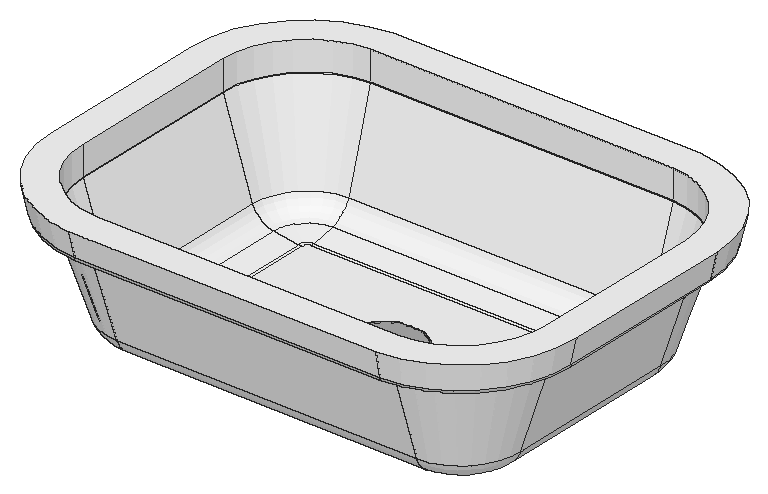
Revit family "NLRS_74_PF_UN_wastafel_S8W02500000_SPHINX_BCB", category Plumbing Fixtures, Revit 2016
Family settings
  Part Type = Normal
  Round Connector Dimension = Use Radius
  OmniClass Number = 23.45.00.00
  OmniClass Title = Sanitary, Laundry, and Cleaning Equipment
  Work Plane-Based = No
  Always vertical = Yes
  Cut with Voids When Loaded = No
  Shared = No
  Room Calculation Point = No
Parameters (values of type "onderbouwwastafel 46cm")
  NLRS_C_type = "Wastafel zonder kraangat en overloop"
  NLRS_C_serie = "300 Basic"
  NLRS_C_revit_versie = "2016"
  NLRS_C_content_versie = "2.0"
  NLRS_C_content_provider = "BouwConnect"
  NLRS_C_content_datum_uitgifte = "APR-2018"
  NLRS_C_content_datum_gewijzigd = "APR-2018"
  NLRS_C_content_creator = "BouwConnect"
  NLRS_C_URL_product_data = "http://www.sphinx.nl/producten/wastafels-%7C-fonteinen/inbouwwastafels/sphinx-300-basic-%7C-onderbouwwastafel-46-cm/27624/"
  Waste Connection = yes
  WFU = 0
  URL = "http://www.sphinx.nl/"
  Type Comments = ""
  NLRS_S_gewicht = 10.00 kg
  NLRS_C_materiaal = none
  NLRS_C_lengte = 350 mm
  NLRS_C_hoogte = 145 mm
  NLRS_C_diameter_uit = 45 mm
  NLRS_C_diameter_in = 35 mm
  NLRS_C_breedte = 460 mm
  Model = "300 onderbouwwastafel 46cm"  # constant formula
  Manufacturer = "Sphinx"  # constant formula
  Keynote = ""
  IfcTypeProduct = "IfcSanitaryTerminalType"
  IfcExportType = "SINK"
  IfcExportAs = "IfcSanitaryTerminalTypeEnum"
  IfcElement = "IfcFlowTerminal"
  NLRS_C_code_EAN = "8711754390997"
  Description = "wastafel"
  CWFU = 0
  NLRS_C_URL_BCB = "http://bcb-online.nl/?zoekterm=Sphinx+++%5bGeberit+B.V.%5d"
  Assembly Code = "47.11"
Reference planes
  plane 1 "Center (Front/Back)": y = 0
  plane 2: z = 0
  plane 3 "Center (Left/Right)": x = 0
Forms (mm)
  Sweep 1, solid, material "74_porcelein_wit", detail levels medium+fine
    path origin (0, 0, 0) x (1, 0, 0) y (0, 1, 0)
      loop
        arc (-241, -86.77) -> (-214.949, -152.123) -> (-151.083, -181.634) r 95
        arc (-151.083, -181.634) -> (0, -185.679) -> (151.083, -181.634) r 2823.482
        arc (151.083, -181.634) -> (214.949, -152.123) -> (241, -86.77) r 95
        line (241, -86.77) -> (241, 86.77)
        arc (241, 86.77) -> (214.949, 152.123) -> (151.083, 181.634) r 95
        arc (151.083, 181.634) -> (0, 185.679) -> (-151.083, 181.634) r 2823.482
        arc (-151.083, 181.634) -> (-214.949, 152.123) -> (-241, 86.77) r 95
        line (-241, 86.77) -> (-241, -86.77)
    profile origin (-241, 0, 0) x (-1, 0, 0) y (0, 0, 1)
      loop
        line (19.719, 0) -> (-10.985, 0) -> (-10.985, -28.92)
        arc (-10.985, -28.92) -> (-11.01, -29.338) -> (-11.084, -29.75) r 3.528
        arc (-11.084, -29.75) -> (-23.874, -74.815) -> (-40.128, -118.749) r 602.075
        arc (-40.128, -118.749) -> (-48.652, -129.923) -> (-61.583, -135.426) r 27.5
        arc (-61.583, -135.426) -> (-73.922, -137.175) -> (-86.272, -138.845) r 1940.075
        arc (-86.272, -138.845) -> (-87.903, -139.006) -> (-89.541, -139.059) r 25
        line (-89.541, -139.059) -> (-94, -139.059) -> (-94, -144.102) -> (-89.865, -144.102)
        arc (-89.865, -144.102) -> (-87.901, -144.038) -> (-85.946, -143.845) r 30
        arc (-85.946, -143.845) -> (-73.4, -142.15) -> (-60.865, -140.374) r 1945.075
        arc (-60.865, -140.374) -> (-45.583, -133.87) -> (-35.51, -120.665) r 32.5
        arc (-35.51, -120.665) -> (-20.304, -79.954) -> (-8.049, -38.259) r 607.075
        arc (-8.049, -38.259) -> (-4.15, -32.311) -> (2.578, -30.005) r 10.968
        line (2.578, -30.005) -> (8.814, -30.005)
        arc (8.814, -30.005) -> (11.927, -28.918) -> (13.686, -26.13) r 5
        line (13.686, -26.13) -> (19.719, 0)
  Revolve 2, void, detail levels medium+fine
    sketch origin (0, 0, 0) x (1, 0, 0) y (0, 0, 1)
      loop
        line (-34.394, -193.083) -> (-35.411, -163.925)
        arc (-35.411, -163.925) -> (-37.92, -157.999) -> (-43.745, -155.263) r 9
        arc (-43.745, -155.263) -> (-69.766, -151.491) -> (-95, -144.102) r 186.699
        line (-95, -144.102) -> (-203.095, -144.102) -> (-203.095, -235) -> (0, -235) -> (0, -195) -> (-32.409, -195)
        arc (-32.409, -195) -> (-33.788, -194.443) -> (-34.394, -193.083) r 1.986
      axis (0, -144.102) -> (0, -235)
    angle from 0 to 360
  Extrusion 3, solid, material "74_porcelein_wit", detail levels medium+fine
    sketch origin (0, 0, 0) x (1, 0, 0) y (0, 1, 0)
      loop
        arc (-153.095, -86.77) -> (-151.15, -91.651) -> (-146.38, -93.855) r 7.095
        arc (-146.38, -93.855) -> (0, -97.774) -> (146.38, -93.855) r 2735.577
        arc (146.38, -93.855) -> (151.15, -91.651) -> (153.095, -86.77) r 7.095
        line (153.095, -86.77) -> (153.095, 86.77)
        arc (153.095, 86.77) -> (151.15, 91.651) -> (146.38, 93.855) r 7.095
        arc (146.38, 93.855) -> (0, 97.774) -> (-146.38, 93.855) r 2735.577
        arc (-146.38, 93.855) -> (-151.15, 91.651) -> (-153.095, 86.77) r 7.095
        line (-153.095, 86.77) -> (-153.095, -86.77)
    from -206.411 to -144.102
  Extrusion 4, void, detail levels medium+fine
    sketch origin (0, 0, 0) x (1, 0, 0) y (0, 1, 0)
      loop
        circle (0, 0) r 22.5
    from -235 to 0
  Extrusion 5, solid, material "74_porcelein_wit", detail levels coarse
    sketch origin (0, 0, 0) x (1, 0, 0) y (0, 1, 0)
      loop
        line (-260.719, 86.77) -> (-260.719, -86.77)
        arc (-260.719, -86.77) -> (-229.26, -165.688) -> (-152.139, -201.324) r 114.719
        arc (-152.139, -201.324) -> (0, -205.398) -> (152.139, -201.324) r 2843.2
        arc (152.139, -201.324) -> (229.26, -165.688) -> (260.719, -86.77) r 114.719
        line (260.719, -86.77) -> (260.719, 86.77)
        arc (260.719, 86.77) -> (229.26, 165.688) -> (152.139, 201.324) r 114.719
        arc (152.139, 201.324) -> (0, 205.398) -> (-152.139, 201.324) r 2843.2
        arc (-152.139, 201.324) -> (-229.26, 165.688) -> (-260.719, 86.77) r 114.719
    from -155 to 0
  Extrusion 6, void, detail levels coarse
    sketch origin (0, 0, 0) x (1, 0, 0) y (0, 1, 0)
      loop
        line (-230.015, 86.77) -> (-230.015, -86.77)
        arc (-230.015, -86.77) -> (-206.976, -144.566) -> (-150.496, -170.664) r 84.015
        arc (-150.496, -170.664) -> (0, -174.694) -> (150.496, -170.664) r 2812.496
        arc (150.496, -170.664) -> (206.976, -144.566) -> (230.015, -86.77) r 84.015
        line (230.015, -86.77) -> (230.015, 86.77)
        arc (230.015, 86.77) -> (206.976, 144.566) -> (150.496, 170.664) r 84.015
        arc (150.496, 170.664) -> (0, 174.694) -> (-150.496, 170.664) r 2812.496
        arc (-150.496, 170.664) -> (-206.976, 144.566) -> (-230.015, 86.77) r 84.015
    from -139.059 to 0
  Revolve 7, solid, material "74_metaal_generiek", detail levels medium+fine
    sketch origin (-678.812, -0.876, -83.296) x (1, 0, 0) y (0, 0, 1)
      loop
        line (678.796, -55) -> (678.796, -50.513)
        arc (678.796, -50.513) -> (660.582, -50.521) -> (642.418, -51.856) r 250
        arc (642.418, -51.856) -> (641.771, -52.188) -> (641.511, -52.868) r 1.018
        line (641.511, -52.868) -> (641.511, -54)
        arc (641.511, -54) -> (641.804, -54.707) -> (642.511, -55) r 1
        line (642.511, -55) -> (678.796, -55)
      axis (678.796, -55) -> (678.796, -50.513)
    angle from 0 to 360
  Extrusion 8, solid, not visible
    sketch origin (0, 0, -195) x (1, 0, 0) y (0, 1, 0)
      loop
        circle (0, 0) r 22.5
    from 0 to 5
  Extrusion 9, solid, material "74_porcelein_wit", detail levels medium+fine
    sketch origin (0, 0, 0) x (1, 0, 0) y (0, 1, 0)
      loop
        arc (-146.268, 91.763) -> (-149.629, 90.21) -> (-151, 86.77) r 5
        line (-151, 86.77) -> (-151, -86.77)
        arc (-151, -86.77) -> (-149.629, -90.21) -> (-146.268, -91.763) r 5
        arc (-146.268, -91.763) -> (0, -95.679) -> (146.268, -91.763) r 2733.482
        arc (146.268, -91.763) -> (149.629, -90.21) -> (151, -86.77) r 5
        line (151, -86.77) -> (151, 86.77)
        arc (151, 86.77) -> (149.629, 90.21) -> (146.268, 91.763) r 5
        arc (146.268, 91.763) -> (0, 95.679) -> (-146.268, 91.763) r 2733.482
    from -144.102 to -139.059
Cuts and joins
  Revolve 2, Extrusion 4 cuts Extrusion 3
  Extrusion 6 cuts Extrusion 5
  Extrusion 4 cuts Sweep 1
  Extrusion 4 cuts Extrusion 9
  joined: Sweep 1, Extrusion 9
Dimensions and locks
  aligned and locked: level to plane 2
Connectors
  piping at (0, 0, -195), diameter 50, driven by "WFU"
    settings: on cut or joined group of Revolve 2, Extrusion 3, Extrusion 4, index 1, connector inside diameter 50 mm, connector length 0 mm, flow factor 0, pipe flow 0.0 L/s, pressure drop 0.0 Pa, fitting loss kfactor 0, connector angle 0.00°, fixture units 0, engagement length 0 mm, angle of deflection 0.00°, flow configuration 3, flow direction 2, fitting loss method 0, system type 16, joint type 0, gender type 0, connector reference index -1, connector utility 0, adjustable connector no, is connector primary yes, connector description "out"
